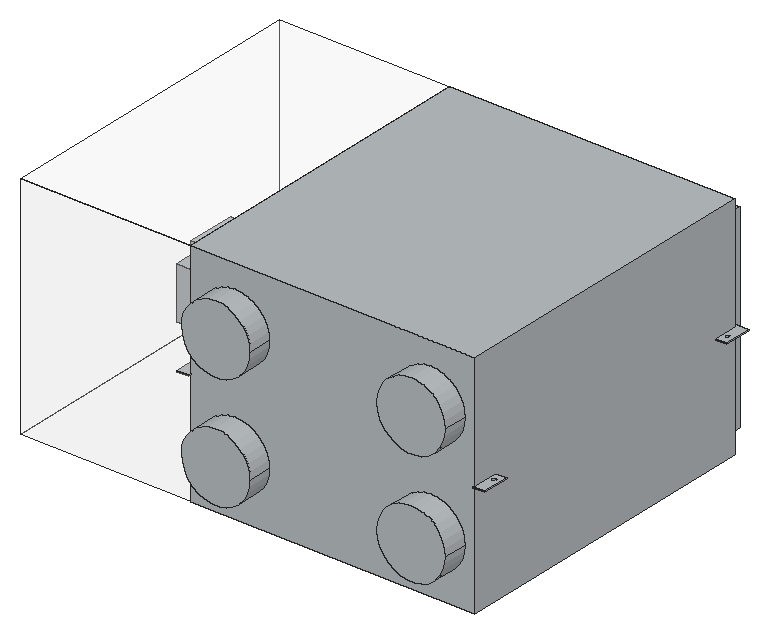
Revit family "lgh-rn150_200rxv2d_50Hz", category 機械設備, Revit 2019
Family settings
  丸型コネクタ寸法 = 直径を使用
  パーツ タイプ = 割り込み
  OmniClass 番号 = 23.75.10.34.21
  OmniClass タイトル = Heat Exchangers for Ventilation Air
  作業面ベース = いいえ
  常に垂直 = はい
  ロード時にボイドで切り取り = いいえ
  共有 = いいえ
  部屋計算ポイント = はい
Parameters (values of type "LGH-RN150RXV2D")
  騒音レベル(dB(A)) = 38.5
  風量 = MAX風量  # 1500.0 m³/h
  面風速 = 8.5 m/s
  電源種別 [instance] = "一般"
  電圧 = 200 V
  電動機出力 = 0 W
  集中コントローラ = ""
  運転質量 = 0.00 kg
  連動 [instance] = ""
  質量 = if(製品質量 > 運転質量, 製品質量, 運転質量) * 1.2  # 128.40 kg
  負荷分類 = 3_ファン類
  説明 = "業務用ロスナイ 天井埋込形 DCリプレースマイコン"
  設計風量 = 0.0 m³/h
  設置方法 = "天井吊(隠ぺい)形"
  記号 [instance] = ""
  製造元 = "三菱電機株式会社"
  製品質量 = 107.00 kg
  製品出荷対象 = "国内"
  製品リリース年月 = "2023/5/15"
  製品グループ = ""
  系統 [instance] = ""
  符号 [instance] = "HEU"
  積算_科目 = "1 空気調和設備"
  積算_拾い区分 [instance] = ""
  相 = 1
  盤記号 [instance] = ""
  発停方法 [instance] = ""
  特殊仕様 [instance] = ""
  点検口高さ = -Height / 2  # -404 mm
  点検口 = yes
  火災停止 [instance] = ""
  温度交換効率_特強 = 74.00%
  温度交換効率_強 = 74.00%
  温度交換効率_弱 = 76.50%
  消費電力 = 900 W
  法定耐用年数 = "15"
  機外静圧_排気 = 275.0 Pa
  機外静圧 = 275.0 Pa
  極数 = 3
  材質 [instance] = ""
  本体マテリアル = 溶融亜鉛めっき鋼板
  操作・制御方式 = ""
  操作・制御スイッチ = ""
  排気量 = 0.0 m³/h
  形式 = "天井埋込ダクト形"
  形名 = LGH-RN-4 : LGH-RN150-4
  幹線記号 [instance] = ""
  対象室 [instance] = ""
  始動方式 [instance] = "直入"
  外気量 = 設計風量  # 0.0 m³/h
  呼称 = "全熱交換ユニット"
  周波数 = 50 Hz
  吊りボルト-W = 1046 mm
  吊りボルト-D = 1030 mm
  参照している仕様書等のバージョン = ""
  初期抵抗 = 0.0 Pa
  分類コード = "50052504100070"
  分類グループ = ""
  価格 = 1637000
  企業コード = "108420"
  付属品_フィルター_還気 = ""
  付属品_フィルター = ""
  付属品 [instance] = ""
  仕様書バージョン = "Version1.0"
  モデル = "LGH-RN150RXV2D"
  ダクト高 = 700 mm
  ダクト径 = 250 mm
  ダクト幅 = 270 mm
  サービススペース = yes
  コメント [instance] = ""
  Keynote = ""
  エンタルピ交換効率_暖房_特強 = 76.00%
  エンタルピ交換効率_暖房_強 = 76.00%
  エンタルピ交換効率_暖房_弱 = 78.50%
  エンタルピ交換効率_冷房_特強 = 66.00%
  エンタルピ交換効率_冷房_強 = 66.00%
  エンタルピ交換効率_冷房_弱 = 68.50%
  Width = 1004 mm
  Version = ""
  Uniclass2015Version = "Systems v1.9"
  Uniclass2015Title = "Thermal wheels"
  Uniclass2015Code = "Pr_60_60_36_88"
  URL = "https://www.mitsubishielectric.co.jp/ldg/wink/qr/002/324436/"
  SpecificationReference = ""
  SpecificationDescription = ""
  SMAX風量 = 1500.0 m³/h
  SMAX静圧 = 275.0 Pa
  SAサイズ_D = 242 mm
  Revision = ""
  RAサイズ_D = 242 mm
  ProductInformation = ""
  OmniClassCode = "23-27 23 19 11"
  OAサイズ_W = 270 mm
  OAサイズ_D = 700 mm
  MIN風量 = 660.0 m³/h
  MIN静圧 = 47.0 Pa
  MID風量 = 1080.0 m³/h
  MID静圧 = 127.0 Pa
  MAX風量 = 1500.0 m³/h
  MAX静圧 = 245.0 Pa
  M2 = 49 mm
  M1 = 84 mm
  IfcTypeProduct = ""
  IfcProduct = ""
  IfcExportType = "ROTARYWHEEL"
  IfcExportAs = "IfcAirToAirHeatRecoveryType"
  Height = 808 mm
  EAサイズ_W = 270 mm
  EAサイズ_D = 700 mm
  Depth = 1144 mm
  Clearance Top = 0 mm  # constant formula
  Clearance Right = 0 mm  # constant formula
  Clearance Left = 600 mm  # constant formula
  Clearance Front = 0 mm  # constant formula
  Clearance Bottom = 0 mm  # constant formula
  Clearance Back = 0 mm  # constant formula
  Author = "三菱電機株式会社"
Types (2, lengths in mm): name | 騒音レベル(dB(A)) | 風量 | 面風速 | 質量 | 製品質量 | 温度交換効率_特強 | 温度交換効率_強 | 温度交換効率_弱 | 消費電力 | 機外静圧_排気 | 機外静圧 | 吊りボルト-W | 価格 | モデル | エンタルピ交換効率_暖房_特強 | エンタルピ交換効率_暖房_強 | エンタルピ交換効率_暖房_弱 | エンタルピ交換効率_冷房_特強 | エンタルピ交換効率_冷房_強 | エンタルピ交換効率_冷房_弱 | Width | URL | SMAX風量 | SMAX静圧 | MIN風量 | MIN静圧 | MID風量 | MID静圧 | MAX風量 | MAX静圧
  LGH-RN150RXV2D | 38.5 | 1500.0 m³/h | 8.5 m/s | 128.40 kg | 107.00 kg | 74.00% | 74.00% | 76.50% | 900 W | 275.0 Pa | 275.0 Pa | 1046 | 1637000 | "LGH-RN150RXV2D" | 76.00% | 76.00% | 78.50% | 66.00% | 66.00% | 68.50% | 1004 | "https://www.mitsubishielectric.co.jp/ldg/wink/qr/002/324436/" | 1500.0 m³/h | 275.0 Pa | 660.0 m³/h | 47.0 Pa | 1080.0 m³/h | 127.0 Pa | 1500.0 m³/h | 245.0 Pa
  LGH-RN200RXV2D | 41 | 2000.0 m³/h | 11.3 m/s | 140.40 kg | 117.00 kg | 73.00% | 73.00% | 75.00% | 1160 W | 225.0 Pa | 225.0 Pa | 1273 | 1849000 | "LGH-RN200RXV2D" | 75.00% | 75.00% | 76.50% | 65.00% | 65.00% | 67.50% | 1231 | "https://www.mitsubishielectric.co.jp/ldg/wink/qr/002/324439/" | 2000.0 m³/h | 225.0 Pa | 880.0 m³/h | 32.0 Pa | 1440.0 m³/h | 86.0 Pa | 2000.0 m³/h | 165.0 Pa
Reference planes
  plane 1 "中心(正面/背面)": y = 0
  plane 2: z = 0
  plane 3 "中心(左/右)": x = 0
  plane 4 "4": x = 0
  plane 5 "3": x = 0
  plane 6 "左": x = -502
  plane 7 "右": x = 502
  plane 8 "背面": y = 572
  plane 9 "正面": y = -572
  plane 10: z = 404
  plane 11: y = 515
  plane 12: y = -515
  plane 13: x = 523
  plane 14: x = -523
  plane 15: z = -404
  plane 16: z = 404
  plane 17: z = -404
  plane 18: y = 572
  plane 19: x = 502
  plane 20: x = -1102
  plane 21: y = -572
  plane 22: y = 225
  plane 23: x = -652
  plane 24: y = -225
Dimensions and locks
  equal spacing: plane 6 "左", plane 5 "3", plane 7 "右"
  "Width": plane 6 "左" to plane 7 "右"
  equal spacing: plane 9 "正面", plane 1 "中心(正面/背面)", plane 8 "背面"
  "Depth": plane 9 "正面" to plane 8 "背面"
  equal spacing: plane 10, level, plane 15
  "Height": plane 10 to plane 15
  equal spacing: plane 14, plane 5 "3", plane 13
  "吊りボルト-W": plane 14 to plane 13
  equal spacing: plane 12, plane 1 "中心(正面/背面)", plane 11
  "吊りボルト-D": plane 12 to plane 11
  "Clearance Back": plane 8 "背面" to plane 18
  "Clearance Front": plane 21 to plane 9 "正面"
  "Clearance Right": plane 7 "右" to plane 19
  "Clearance Left": plane 20 to plane 6 "左"
  "Clearance Top": plane 16 to plane 10
  "Clearance Bottom": plane 15 to plane 17
  locked: plane 20 to plane 23 at 450
  equal spacing: plane 24, plane 1 "中心(正面/背面)", plane 22
  locked: plane 22 to plane 24 at 450
  aligned and locked: level to plane 2
  aligned and locked: nested 1 to plane 11
  aligned and locked: plane 12 to nested 1
  aligned and locked: plane 14 to nested 1
  aligned and locked: plane 13 to nested 1
  aligned and locked: plane 21 to nested 3
  aligned and locked: plane 20 to nested 3
  aligned and locked: plane 16 to nested 3
  aligned and locked: plane 17 to nested 3
  aligned and locked: plane 1 "中心(正面/背面)" to nested 2
  aligned and locked: nested 2 to plane 5 "3"
  aligned and locked: plane 18 to nested 3
  aligned and locked: plane 6 "左" to nested 3
  aligned and locked: plane 23 to nested 4
  aligned and locked: plane 20 to nested 4
  aligned and locked: nested 4 to plane 24
  aligned and locked: plane 22 to nested 4
Nested families
  nested 1: "固定点" at (-523, -515, 0), type "固定点"
    with W 1046 mm, D 1030 mm
  nested 2: "LGH-RN-4" at (0, 0, -404) x (0, -1, 0) z (0, 0, 1), type <- "形名", type "LGH-RN150-4"
  nested 3: "サービススペース" at (-802, 0, 0), visible <- "サービススペース", type "サービススペース"
    with Width 600 mm, Height 808 mm, Depth 1144 mm
  nested 4: "点検口設置範囲" at (-877, 0, -404), built-in parameter 1001364 <- "点検口高さ", visible <- "点検口", type "点検口設置範囲"
    with Width 450 mm, Depth 450 mm
Connectors
  hvac at (345, -656, 202), driven by "ダクト径", driven by "機外静圧", driven by "風量"
    settings: on nested 2, index 1, duct flow 1500.0 m³/h, flow factor 0, pres drop 275.0 Pa, loss coef 0, conn angle 0.00°, conn width 304.8 mm, conn height 304.8 mm, conn diameter 250 mm, duct sys type 2, conn prof type 0, flow config 0, flow direction 1, loss method 4, conn ref index -1, conn util no, is conn primary yes, conn desc ""
  hvac at (345, -656, -202), driven by "ダクト径", driven by "機外静圧", driven by "風量"
    settings: on nested 2, index 2, duct flow 1500.0 m³/h, flow factor 0, pres drop 275.0 Pa, loss coef 0, conn angle 0.00°, conn width 304.8 mm, conn height 304.8 mm, conn diameter 250 mm, duct sys type 2, conn prof type 0, flow config 0, flow direction 1, loss method 4, conn ref index -1, conn util no, is conn primary no, conn desc ""
  hvac at (-345, -656, 202), driven by "ダクト径", driven by "機外静圧", driven by "風量"
    settings: on nested 2, index 3, duct flow 1500.0 m³/h, flow factor 0, pres drop 275.0 Pa, loss coef 0, conn angle 0.00°, conn width 304.8 mm, conn height 304.8 mm, conn diameter 250 mm, duct sys type 1, conn prof type 0, flow config 0, flow direction 2, loss method 4, conn ref index -1, conn util no, is conn primary no, conn desc ""
  hvac at (-345, -656, -202), driven by "ダクト径", driven by "機外静圧", driven by "風量"
    settings: on nested 2, index 4, duct flow 1500.0 m³/h, flow factor 0, pres drop 275.0 Pa, loss coef 0, conn angle 0.00°, conn width 304.8 mm, conn height 304.8 mm, conn diameter 250 mm, duct sys type 1, conn prof type 0, flow config 0, flow direction 2, loss method 4, conn ref index -1, conn util no, is conn primary no, conn desc ""
  hvac at (345, 621, 0), driven by "機外静圧", driven by "排気量", driven by "ダクト高", driven by "ダクト幅"
    settings: on nested 2, index 5, duct flow 0.0 m³/h, flow factor 0, pres drop 275.0 Pa, loss coef 0, conn angle 0.00°, conn width 270 mm, conn height 700 mm, conn diameter 609.6 mm, duct sys type 3, conn prof type 1, flow config 0, flow direction 2, loss method 4, conn ref index -1, conn util no, is conn primary no, conn desc ""
  hvac at (-345, 621, 0), driven by "機外静圧", driven by "外気量", driven by "ダクト幅", driven by "ダクト高"
    settings: on nested 2, index 6, duct flow 0.0 m³/h, flow factor 0, pres drop 275.0 Pa, loss coef 0, conn angle 0.00°, conn width 270 mm, conn height 700 mm, conn diameter 609.6 mm, duct sys type 1, conn prof type 1, flow config 0, flow direction 1, loss method 4, conn ref index -1, conn util no, is conn primary no, conn desc ""
  electrical at (-559.5, -427, -18.5), driven by "極数", driven by "負荷分類", driven by "電圧", driven by "消費電力"
    settings: on nested 2, index 7, voltage 200 V, apparent load 900 VA, apparent load phase1 0 VA, apparent load phase2 0 VA, apparent load phase3 0 VA, power factor 1, load classification "3_ファン類", number of poles 3, system type 30, power factor state 1, is connector primary yes, connector utility no, sub classification motor no, connector description ""
Definition of nested family "LGH-RN-4"
  Parameters (values of type "LGH-RN150-4")
    吊りボルト-φ = 13 mm
    吊りボルト-W1 = 1030 mm
    吊りボルト-D1 = 1046 mm
    マテリアル = none
    ダクト間 = 690 mm
    ダクト-W = 270 mm
    ダクト-H = 700 mm
    コントロール手前位置 = 145 mm  # constant formula
    コントロール上位置 = 88 mm  # constant formula
    φ = 242 mm
    Φ = 258 mm
    吊りボルト-H = 0 mm
    M2 = 49 mm
    M1 = 84 mm
    W = 1144 mm
    H = 808 mm
    D = 1004 mm
    CO2センサー手前位置 = 176 mm  # constant formula
    CO2センサー上位置 = 201 mm  # constant formula
  Types (2, lengths in mm): name | 吊りボルト-D1 | ダクト間 | D
    LGH-RN200-4 | 1273 | 917 | 1231
    LGH-RN150-4 | 1046 | 690 | 1004
  Reference planes
    plane 1 "中心(正面/背面)": y = 0
    plane 2: z = 0
    plane 3 "中心(左/右)": x = 0
    plane 4: y = 502
    plane 5: y = 523
    plane 6: y = 543
    plane 7: y = -502
    plane 8: y = -523
    plane 9: y = -543
    plane 10: x = -572
    plane 11: x = 572
    plane 12: z = 404
    plane 13: x = -213
    plane 14: x = 656
    plane 15: x = -621
    plane 16: z = 202
    plane 17: y = 345
    plane 18: y = -345
    plane 19: x = -515
    plane 20: x = 515
    plane 21: x = 190.667
    plane 22: x = -190.667
    plane 23: y = -617
    plane 24: y = -692
    plane 25: x = 427
    plane 26: x = 381.333
    plane 27: x = 252
    plane 28: z = 336.667
    plane 29: z = 269.333
    plane 30: z = 134.667
    plane 31: z = 67.333
    plane 32: x = 396
    plane 33: x = 283
    plane 34: x = -581
    plane 35: x = 581
    plane 36: x = 485
    plane 37: x = -485
    plane 38: z = 404
    plane 39: z = 401
    plane 40: z = 606
    plane 41: z = 471.333
    plane 42: z = 538.667
    plane 43: z = 673.333
    plane 44: z = 740.667
    plane 45: z = 404
    plane 46: z = 808
    plane 47: y = 480
    plane 48: y = 210
    plane 49: y = -210
    plane 50: y = -480
    plane 51: z = 754
    plane 52: z = 54
    plane 53: z = 720
    plane 54: z = 607
    plane 55: z = 425
    plane 56: z = 51
  Forms (mm)
    Extrusion 1, solid, material <- "マテリアル", detail levels fine
      sketch origin (0, 0, 0) x (0, 1, 0) y (0, 0, -1)
        loop
          circle (-345, -202) r 121
        loop
          circle (345, -202) r 121
        loop
          circle (345, -606) r 121
        loop
          circle (-345, -606) r 121
      from -572 to -656
    Extrusion 2, solid, material <- "マテリアル", detail levels fine
      sketch origin (0, 0, 0) x (1, 0, 0) y (0, 1, 0)
        loop
          line (-581, 543) -> (-581, 502) -> (-485, 502) -> (-485, 543) -> (-581, 543)
        loop
          line (-581, -502) -> (-581, -543) -> (-485, -543) -> (-485, -502) -> (-581, -502)
        loop
          line (485, 543) -> (485, 502) -> (581, 502) -> (581, 543) -> (485, 543)
        loop
          line (485, -543) -> (581, -543) -> (581, -502) -> (485, -502) -> (485, -543)
        loop
          circle (-515, 523) r 6.5
        loop
          circle (515, 523) r 6.5
        loop
          circle (-515, -523) r 6.5
        loop
          circle (515, -523) r 6.5
      from 401 to 404
    Extrusion 3, solid, material <- "マテリアル", detail levels fine
      sketch origin (0, 0, 808) x (0, -1, 0) y (1, 0, 0)
        loop
          line (-502, -572) -> (502, -572) -> (502, 572) -> (-502, 572) -> (-502, -572)
      from 0 to -808
    Extrusion 4, solid, material <- "マテリアル", detail levels fine
      sketch origin (0, 0, 0) x (1, 0, 0) y (0, 0, 1)
        loop
          line (252, 720) -> (252, 51) -> (427, 51) -> (427, 720) -> (252, 720)
      from 502 to 617
    Extrusion 5, solid, material <- "マテリアル", detail levels fine
      sketch origin (0, 0, 0) x (1, 0, 0) y (0, 0, 1)
        loop
          line (283, 607) -> (283, 425) -> (396, 425) -> (396, 607) -> (283, 607)
      from 617 to 692
    Extrusion 6, solid, material <- "マテリアル", detail levels fine
      sketch origin (0, 0, 0) x (0, 1, 0) y (0, 0, 1)
        loop
          line (-210, 754) -> (-480, 754) -> (-480, 54) -> (-210, 54) -> (-210, 754)
        loop
          line (210, 754) -> (210, 54) -> (480, 54) -> (480, 754) -> (210, 754)
      from -621 to -572
  Dimensions and locks
    "W": plane 10 to plane 11
    "吊りボルト-D1": plane 8 to plane 5
    "D": plane 7 to plane 4
    equal spacing: plane 7, plane 1 "中心(正面/背面)", plane 4
    equal spacing: plane 10, plane 3 "中心(左/右)", plane 11
    "M2": plane 15 to plane 10
    "M1": plane 11 to plane 14
    equal spacing: plane 8, plane 1 "中心(正面/背面)", plane 5
    equal spacing: plane 18, plane 1 "中心(正面/背面)", plane 17
    "ダクト間": plane 18 to plane 17
    equal spacing: plane 19, plane 3 "中心(左/右)", plane 20
    "吊りボルト-W1": plane 19 to plane 20
    plane 15 to plane 14 = 1277 mm
    equal spacing: plane 10, plane 22, plane 21, plane 11
    plane 11 to plane 21 to plane 22 to plane 10 = 381.333 mm, 381.333 mm, 381.333 mm
    locked: plane 23 to plane 7 at 115
    locked: plane 24 to plane 7 at 190
    equal spacing: plane 12, plane 28, plane 29, plane 16, plane 30, plane 31, level
    locked: plane 5 to plane 6 at 20
    locked: plane 9 to plane 8 at 20
    locked: plane 38 to plane 39 at 3
    "吊りボルト-H": plane 12 to plane 38
    locked: plane 19 to plane 37 at 30
    locked: plane 36 to plane 20 at 30
    locked: plane 34 to plane 10 at 9
    locked: plane 11 to plane 35 at 9
    "H": plane 46 to level
    equal spacing: plane 46, plane 44, plane 43, plane 40, plane 42, plane 41, plane 12
    "吊りボルト-H": plane 45 to plane 12
    equal spacing: plane 48, plane 17, plane 47
    "ダクト-W": plane 48 to plane 47
    equal spacing: plane 50, plane 18, plane 49
    "ダクト-W": plane 50 to plane 49
    equal spacing: plane 51, plane 45, plane 52
    "ダクト-H": plane 51 to plane 52
    locked: plane 33 to plane 32 at 113
    locked: plane 27 to plane 25 at 175
    "CO2センサー手前位置": plane 32 to plane 11
    "コントロール手前位置": plane 25 to plane 11
    locked: plane 53 to plane 56 at 669
    "コントロール上位置": plane 46 to plane 53
    "CO2センサー上位置": plane 46 to plane 54
    locked: plane 54 to plane 55 at 182
    "φ": diameter of Extrusion 1 sketch curve  (x4)
    "吊りボルト-φ": diameter of Extrusion 2 sketch curve  (x4)
    aligned and locked: level to plane 2
    aligned and locked: plane 14 to Extrusion 1
    aligned and locked: plane 18 to Extrusion 1 sketch curve  (x2)
    aligned and locked: plane 16 to Extrusion 1 sketch curve  (x2)
    aligned and locked: plane 17 to Extrusion 1 sketch curve  (x2)
    aligned and locked: plane 6 to Extrusion 2 sketch curve  (x2)
    aligned and locked: plane 34 to Extrusion 2 sketch curve  (x2)
    aligned and locked: Extrusion 2 sketch curve to plane 4  (x2)
    aligned and locked: Extrusion 2 sketch curve to plane 37  (x2)
    aligned and locked: plane 7 to Extrusion 2 sketch curve
    aligned and locked: Extrusion 2 sketch curve to plane 9
    aligned and locked: Extrusion 2 sketch curve to plane 35
    aligned and locked: plane 9 to Extrusion 2 sketch curve
    aligned and locked: Extrusion 2 sketch curve to plane 7
    aligned and locked: plane 35 to Extrusion 2 sketch curve
    aligned and locked: plane 8 to Extrusion 2 sketch curve  (x2)
    aligned and locked: plane 5 to Extrusion 2 sketch curve  (x2)
    aligned and locked: plane 19 to Extrusion 2 sketch curve  (x2)
    aligned and locked: plane 20 to Extrusion 2 sketch curve  (x2)
    aligned and locked: Extrusion 2 to plane 39
    aligned and locked: plane 38 to Extrusion 2
    aligned and locked: Extrusion 2 sketch curve to plane 36  (x2)
    aligned and locked: Extrusion 3 to plane 46
    aligned and locked: plane 27 to Extrusion 4 sketch curve
    aligned and locked: plane 7 to Extrusion 4
    aligned and locked: plane 23 to Extrusion 4
    aligned and locked: plane 33 to Extrusion 5 sketch curve
    aligned and locked: Extrusion 5 sketch curve to plane 32
    aligned and locked: plane 23 to Extrusion 5
    aligned and locked: plane 24 to Extrusion 5
    aligned and locked: plane 40 to Extrusion 1 sketch curve  (x2)
    aligned and locked: plane 51 to Extrusion 6 sketch curve
    aligned and locked: Extrusion 6 sketch curve to plane 51
    aligned and locked: Extrusion 6 sketch curve to plane 52  (x2)
    aligned and locked: Extrusion 6 sketch curve to plane 47
    aligned and locked: Extrusion 6 sketch curve to plane 48
    aligned and locked: Extrusion 6 sketch curve to plane 49
    aligned and locked: Extrusion 6 sketch curve to plane 50
    aligned and locked: Extrusion 6 to plane 15
    aligned and locked: plane 10 to Extrusion 6
    aligned and locked: plane 55 to Extrusion 5 sketch curve
    aligned and locked: Extrusion 5 sketch curve to plane 54
    aligned and locked: Extrusion 4 sketch curve to plane 53
    aligned and locked: Extrusion 3 to level
    aligned and locked: Extrusion 4 to plane 56
    aligned and locked: Extrusion 1 to plane 11
  Automatic sketch dimensions
    plane 4 to Extrusion 3 sketch curve = 0 mm
    plane 7 to Extrusion 3 sketch curve = 0 mm
    Extrusion 3 sketch curve to plane 10 = 0 mm
    Extrusion 3 sketch curve to plane 11 = 0 mm
    Extrusion 4 sketch curve to plane 12 = 353 mm
    Extrusion 4 sketch curve to plane 25 = 0 mm
Definition of nested family "サービススペース"
  Parameters (values of type "サービススペース")
    Width [instance] = 500 mm
    Height [instance] = 500 mm
    Depth [instance] = 500 mm
  Reference planes
    plane 1 "中心(正面/背面)": y = 0
    plane 2: z = 0
    plane 3 "中心(左/右)": x = 0
    plane 4: y = -250
    plane 5: x = 250
    plane 6: y = 250
    plane 7: x = -250
    plane 8: z = 250
    plane 9: z = -250
  Forms (mm)
    Extrusion 1, solid
      sketch origin (-638.939, 0, 72.39) x (1, 0, 0) y (0, 1, 0)
        loop
          line (388.939, 250) -> (388.939, -250) -> (888.939, -250) -> (888.939, 250) -> (388.939, 250)
      from -322.39 to 177.61
  Lines and regions (mm)
    symbolic lines
      curve 1: line (-250, 0, 250) -> (250, 0, 250)
      curve 2: line (-250, 0, -250) -> (-250, 0, 250)
      curve 3: line (250, 0, -250) -> (-250, 0, -250)
      curve 4: line (250, 0, 250) -> (250, 0, -250)
      curve 5: line (0, -250, 250) -> (0, 250, 250)
      curve 6: line (0, -250, -250) -> (0, -250, 250)
      curve 7: line (0, 250, -250) -> (0, -250, -250)
      curve 8: line (0, 250, 250) -> (0, 250, -250)
      curve 9: line (-250, 250, 0) -> (250, 250, 0)
      curve 10: line (-250, -250, 0) -> (-250, 250, 0)
      curve 11: line (250, -250, 0) -> (-250, -250, 0)
      curve 12: line (250, 250, 0) -> (250, -250, 0)
  Dimensions and locks
    equal spacing: plane 7, plane 3 "中心(左/右)", plane 5
    equal spacing: plane 4, plane 1 "中心(正面/背面)", plane 6
    "Depth": plane 4 to plane 6
    "Width": plane 7 to plane 5
    equal spacing: plane 8, plane 2, plane 9
    "Height": plane 8 to plane 9
    aligned and locked: plane 9 to curve 3
    aligned and locked: plane 7 to curve 2
    aligned and locked: curve 4 to plane 5
    aligned and locked: plane 5 to Extrusion 1
    aligned and locked: Extrusion 1 to plane 7
    aligned and locked: Extrusion 1 to plane 9
    aligned and locked: plane 8 to Extrusion 1
    aligned and locked: plane 9 to curve 7
  Automatic sketch dimensions
    plane 4 to Extrusion 1 sketch curve = 0 mm
    Extrusion 1 sketch curve to plane 7 = 0 mm
    Extrusion 1 sketch curve to plane 5 = 0 mm
    plane 6 to Extrusion 1 sketch curve = 0 mm
    curve 2 to plane 8 = 0 mm
    plane 4 to curve 11 = 0 mm
    curve 11 to plane 7 = 0 mm
    curve 11 to plane 5 = 0 mm
    plane 6 to curve 10 = 0 mm
    curve 7 to plane 4 = 0 mm
    curve 7 to plane 6 = 0 mm
    curve 6 to plane 8 = 0 mm
Definition of nested family "固定点"
  Parameters (values of type "固定点")
    中心円 = 11 mm
    W [instance] = 1000 mm
    D [instance] = 1000 mm
  Reference planes
    plane 1 "中心(正面/背面)": y = 0
    plane 2: z = 0
    plane 3 "中心(左/右)": x = 0
    plane 4: x = 1000
    plane 5: y = 1000
  Lines and regions (mm)
    symbolic lines, detail levels fine
      curve 1: circle (0, 1000, 0) r 5.5 normal (0, 0, 1)
      curve 2: circle (0, 0, 0) r 5.5 normal (0, 0, 1)
      curve 3: circle (1000, 1000, 0) r 5.5 normal (0, 0, 1)
      curve 4: circle (1000, 0, 0) r 5.5 normal (0, 0, 1)
      curve 5: line (-200, 1000, 0) -> (1200, 1000, 0)
      curve 6: line (-200, 0, 0) -> (1200, 0, 0)
      curve 7: line (0, 1200, 0) -> (0, -200, 0)
      curve 8: line (1000, 1200, 0) -> (1000, -200, 0)
  Dimensions and locks
    "W": plane 3 "中心(左/右)" to plane 4
    "D": plane 1 "中心(正面/背面)" to plane 5
    "中心円": diameter of curve 1
    "中心円": diameter of curve 2
    "中心円": diameter of curve 3
    "中心円": diameter of curve 4
    aligned and locked: level to plane 2
    aligned and locked: plane 5 to curve 1
    aligned and locked: plane 3 "中心(左/右)" to curve 1
    aligned and locked: plane 3 "中心(左/右)" to curve 2
    aligned and locked: plane 1 "中心(正面/背面)" to curve 2
    aligned and locked: plane 4 to curve 3
    aligned and locked: plane 5 to curve 3
    aligned and locked: plane 1 "中心(正面/背面)" to curve 4
    aligned and locked: plane 4 to curve 4
    aligned and locked: plane 1 "中心(正面/背面)" to curve 6
    aligned and locked: curve 7 to plane 3 "中心(左/右)"
    aligned and locked: curve 8 to plane 4
  Automatic sketch dimensions
    curve 5 to plane 5 = 0 mm
    curve 6 to plane 3 "中心(左/右)" = 200 mm
    curve 5 to plane 3 "中心(左/右)" = 200 mm
    curve 4 to curve 6 = 200 mm
    curve 3 to curve 5 = 200 mm
    plane 1 "中心(正面/背面)" to curve 8 = 200 mm
    plane 1 "中心(正面/背面)" to curve 7 = 200 mm
    curve 3 to curve 8 = 200 mm
    curve 1 to curve 7 = 200 mm
Definition of nested family "点検口設置範囲"
  Parameters (values of type "点検口設置範囲")
    Width [instance] = 1000 mm
    Depth [instance] = 700 mm
  Reference planes
    plane 1 "中心(正面/背面)": y = 0
    plane 2: z = 0
    plane 3 "中心(左/右)": x = 0
    plane 4: x = -500
    plane 5: x = 500
    plane 6: y = -350
    plane 7: y = 350
  Lines and regions (mm)
    model lines
      curve 1: line (-500, 350, 0) -> (500, 350, 0)
      curve 2: line (-500, -350, 0) -> (-500, 350, 0)
      curve 3: line (500, -350, 0) -> (-500, -350, 0)
      curve 4: line (500, 350, 0) -> (500, -350, 0)
  Dimensions and locks
    "Depth": plane 7 to plane 6
    "Width": plane 4 to plane 5
    equal spacing: plane 7, plane 1 "中心(正面/背面)", plane 6
    equal spacing: plane 4, plane 3 "中心(左/右)", plane 5
    aligned and locked: level to plane 2
    aligned and locked: plane 4 to curve 2
    aligned and locked: curve 1 to plane 7
    aligned and locked: curve 4 to plane 5
    aligned and locked: plane 6 to curve 3
